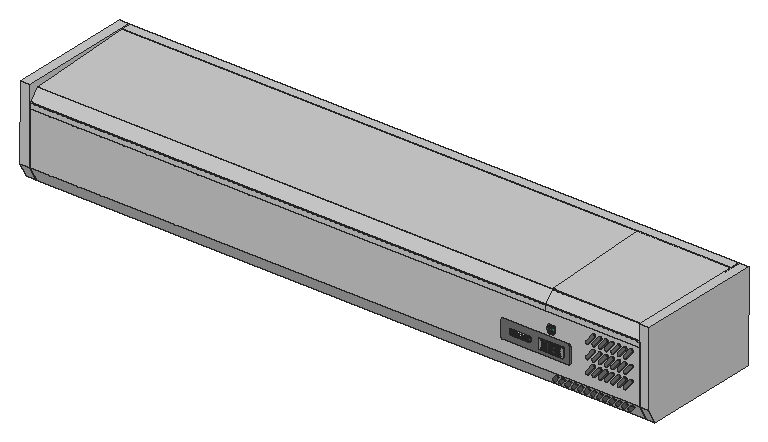
Revit family "QF_BLIZZARD_TOP2000EN", category Specialty Equipment, Revit 2016
Family settings
  Part Type = Normal
  Round Connector Dimension = Use Diameter
  OmniClass Number = 23.40.40.14
  OmniClass Title = Food Service Equipment
  Work Plane-Based = No
  Always vertical = Yes
  Cut with Voids When Loaded = No
  Shared = No
  Room Calculation Point = No
Parameters (values of type "TOP2000EN")
  URL = "www.blizzardequipment.com"
  Show Logo [instance] = yes
  Show Clearance [instance] = yes
  Model = "TOP2000EN"
  Manufacturer = "BLIZZARD"
  Description = "1/3 GASTRONORM PREP TOP WITH HINGED LID 2000MM"
  Assembly Code = "E1090320"
Reference planes
  plane 1 "Back": y = 0
  plane 2: z = 0
  plane 3 "Left": x = 0
  plane 4 "Right": x = 2000
  plane 5 "Front": y = -395
  plane 6 "Top": z = 281
Forms (mm)
  Extrusion 1, solid
    sketch origin (0, -4, -8) x (0, 1, 0) y (0, 0, 1)
      loop
        line (-391, 53) -> (-366, 8) -> (2.955, 8)
        arc (2.955, 8) -> (3.694, 8.306) -> (4, 9.045) r 1.045
        line (4, 9.045) -> (4, 289) -> (-391, 289) -> (-391, 53)
    from 0 to 30
  Extrusion 2, solid
    sketch origin (1970, -4, -8) x (0, 1, 0) y (0, 0, 1)
      loop
        line (-391, 53) -> (-366, 8) -> (2.955, 8)
        arc (2.955, 8) -> (3.694, 8.306) -> (4, 9.045) r 1.045
        line (4, 9.045) -> (4, 289) -> (-391, 289) -> (-391, 53)
    from 0 to 30
  Extrusion 3, solid
    sketch origin (-580, -4, -8) x (0, 1, 0) y (0, 0, 1)
      loop
        line (-391, 53) -> (-366, 8) -> (2.955, 8)
        arc (2.955, 8) -> (3.694, 8.306) -> (4, 9.045) r 1.045
        line (4, 9.045) -> (4, 289) -> (-26, 289) -> (-26, 38) -> (-348.348, 38) -> (-361, 60.774) -> (-361, 221.193) -> (-391, 221.193) -> (-391, 53)
    from 610 to 2550
  Extrusion 4, solid
    sketch origin (790, -393.5, -8.948) x (1, 0, 0) y (0, 0, 1)
      loop
        line (1030, 207.338) -> (1011.08, 183.441)
        arc (1011.08, 183.441) -> (1011.896, 176.418) -> (1018.92, 177.234) r 5
        line (1018.92, 177.234) -> (1037.84, 201.13)
        arc (1037.84, 201.13) -> (1037.024, 208.154) -> (1030, 207.338) r 5
      loop
        line (1050, 207.338) -> (1031.08, 183.441)
        arc (1031.08, 183.441) -> (1031.896, 176.418) -> (1038.92, 177.234) r 5
        line (1038.92, 177.234) -> (1057.84, 201.13)
        arc (1057.84, 201.13) -> (1057.024, 208.154) -> (1050, 207.338) r 5
      loop
        line (1070, 207.338) -> (1051.08, 183.441)
        arc (1051.08, 183.441) -> (1051.896, 176.418) -> (1058.92, 177.234) r 5
        line (1058.92, 177.234) -> (1077.84, 201.13)
        arc (1077.84, 201.13) -> (1077.024, 208.154) -> (1070, 207.338) r 5
      loop
        line (1090, 207.338) -> (1071.08, 183.441)
        arc (1071.08, 183.441) -> (1071.896, 176.418) -> (1078.92, 177.234) r 5
        line (1078.92, 177.234) -> (1097.84, 201.13)
        arc (1097.84, 201.13) -> (1097.024, 208.154) -> (1090, 207.338) r 5
      loop
        line (1110, 207.338) -> (1091.08, 183.441)
        arc (1091.08, 183.441) -> (1091.896, 176.418) -> (1098.92, 177.234) r 5
        line (1098.92, 177.234) -> (1117.84, 201.13)
        arc (1117.84, 201.13) -> (1117.024, 208.154) -> (1110, 207.338) r 5
      loop
        line (1130, 207.338) -> (1111.08, 183.441)
        arc (1111.08, 183.441) -> (1111.896, 176.418) -> (1118.92, 177.234) r 5
        line (1118.92, 177.234) -> (1137.84, 201.13)
        arc (1137.84, 201.13) -> (1137.024, 208.154) -> (1130, 207.338) r 5
      loop
        line (1150, 207.338) -> (1131.08, 183.441)
        arc (1131.08, 183.441) -> (1131.896, 176.418) -> (1138.92, 177.234) r 5
        line (1138.92, 177.234) -> (1157.84, 201.13)
        arc (1157.84, 201.13) -> (1157.024, 208.154) -> (1150, 207.338) r 5
      loop
        line (1030, 163.441) -> (1011.08, 139.545)
        arc (1011.08, 139.545) -> (1011.896, 132.521) -> (1018.92, 133.338) r 5
        line (1018.92, 133.338) -> (1037.84, 157.234)
        arc (1037.84, 157.234) -> (1037.024, 164.258) -> (1030, 163.441) r 5
      loop
        line (1050, 163.441) -> (1031.08, 139.545)
        arc (1031.08, 139.545) -> (1031.896, 132.521) -> (1038.92, 133.338) r 5
        line (1038.92, 133.338) -> (1057.84, 157.234)
        arc (1057.84, 157.234) -> (1057.024, 164.258) -> (1050, 163.441) r 5
      loop
        line (1070, 163.441) -> (1051.08, 139.545)
        arc (1051.08, 139.545) -> (1051.896, 132.521) -> (1058.92, 133.338) r 5
        line (1058.92, 133.338) -> (1077.84, 157.234)
        arc (1077.84, 157.234) -> (1077.024, 164.258) -> (1070, 163.441) r 5
      loop
        line (1090, 163.441) -> (1071.08, 139.545)
        arc (1071.08, 139.545) -> (1071.896, 132.521) -> (1078.92, 133.338) r 5
        line (1078.92, 133.338) -> (1097.84, 157.234)
        arc (1097.84, 157.234) -> (1097.024, 164.258) -> (1090, 163.441) r 5
      loop
        line (1110, 163.441) -> (1091.08, 139.545)
        arc (1091.08, 139.545) -> (1091.896, 132.521) -> (1098.92, 133.338) r 5
        line (1098.92, 133.338) -> (1117.84, 157.234)
        arc (1117.84, 157.234) -> (1117.024, 164.258) -> (1110, 163.441) r 5
      loop
        line (1130, 163.441) -> (1111.08, 139.545)
        arc (1111.08, 139.545) -> (1111.896, 132.521) -> (1118.92, 133.338) r 5
        line (1118.92, 133.338) -> (1137.84, 157.234)
        arc (1137.84, 157.234) -> (1137.024, 164.258) -> (1130, 163.441) r 5
      loop
        line (1150, 163.441) -> (1131.08, 139.545)
        arc (1131.08, 139.545) -> (1131.896, 132.521) -> (1138.92, 133.338) r 5
        line (1138.92, 133.338) -> (1157.84, 157.234)
        arc (1157.84, 157.234) -> (1157.024, 164.258) -> (1150, 163.441) r 5
      loop
        line (1030, 119.663) -> (1011.08, 95.767)
        arc (1011.08, 95.767) -> (1011.896, 88.743) -> (1018.92, 89.559) r 5
        line (1018.92, 89.559) -> (1037.84, 113.456)
        arc (1037.84, 113.456) -> (1037.024, 120.479) -> (1030, 119.663) r 5
      loop
        line (1050, 119.663) -> (1031.08, 95.767)
        arc (1031.08, 95.767) -> (1031.896, 88.743) -> (1038.92, 89.559) r 5
        line (1038.92, 89.559) -> (1057.84, 113.456)
        arc (1057.84, 113.456) -> (1057.024, 120.479) -> (1050, 119.663) r 5
      loop
        line (1070, 119.663) -> (1051.08, 95.767)
        arc (1051.08, 95.767) -> (1051.896, 88.743) -> (1058.92, 89.559) r 5
        line (1058.92, 89.559) -> (1077.84, 113.456)
        arc (1077.84, 113.456) -> (1077.024, 120.479) -> (1070, 119.663) r 5
      loop
        line (1090, 119.663) -> (1071.08, 95.767)
        arc (1071.08, 95.767) -> (1071.896, 88.743) -> (1078.92, 89.559) r 5
        line (1078.92, 89.559) -> (1097.84, 113.456)
        arc (1097.84, 113.456) -> (1097.024, 120.479) -> (1090, 119.663) r 5
      loop
        line (1110, 119.663) -> (1091.08, 95.767)
        arc (1091.08, 95.767) -> (1091.896, 88.743) -> (1098.92, 89.559) r 5
        line (1098.92, 89.559) -> (1117.84, 113.456)
        arc (1117.84, 113.456) -> (1117.024, 120.479) -> (1110, 119.663) r 5
      loop
        line (1130, 119.663) -> (1111.08, 95.767)
        arc (1111.08, 95.767) -> (1111.896, 88.743) -> (1118.92, 89.559) r 5
        line (1118.92, 89.559) -> (1137.84, 113.456)
        arc (1137.84, 113.456) -> (1137.024, 120.479) -> (1130, 119.663) r 5
      loop
        line (1150, 119.663) -> (1131.08, 95.767)
        arc (1131.08, 95.767) -> (1131.896, 88.743) -> (1138.92, 89.559) r 5
        line (1138.92, 89.559) -> (1157.84, 113.456)
        arc (1157.84, 113.456) -> (1157.024, 120.479) -> (1150, 119.663) r 5
    from 0 to 2
  Extrusion 5, solid
    sketch origin (1648, 205.936, 313.02) x (0, -0.34202, 0.939693) y (0, -0.939693, -0.34202)
      loop
        line (10.308, 247.326) -> (50.606, 232.659) -> (149.332, 555.577)
        arc (149.332, 555.577) -> (149.387, 556.194) -> (149.187, 556.781) r 1.501
        line (149.187, 556.781) -> (128.527, 591.598)
        arc (128.527, 591.598) -> (128.102, 592.105) -> (127.538, 592.449) r 2.032
        line (127.538, 592.449) -> (111.726, 598.838) -> (109.154, 591.772) -> (109.731, 567.639) -> (10.308, 247.326)
    from 24 to 322
  Extrusion 6, solid
    sketch origin (1250.536, -393.5, -1719.361) x (1, 0, 0) y (0, 0, 1)
      loop
        arc (285, 1864.135) -> (281.464, 1862.671) -> (280, 1859.135) r 5
        line (280, 1859.135) -> (280, 1809.135)
        arc (280, 1809.135) -> (281.464, 1805.6) -> (285, 1804.135) r 5
        line (285, 1804.135) -> (494.464, 1804.135)
        arc (494.464, 1804.135) -> (498, 1805.6) -> (499.464, 1809.135) r 5
        line (499.464, 1809.135) -> (499.464, 1859.135)
        arc (499.464, 1859.135) -> (498, 1862.671) -> (494.464, 1864.135) r 5
        line (494.464, 1864.135) -> (285, 1864.135)
    from 0 to 2
  Extrusion 7, solid
    sketch origin (1392.5, -393.5, -693.976) x (1, 0, 0) y (0, 0, 1)
      loop
        arc (260.5, 825) -> (258.379, 824.121) -> (257.5, 822) r 3
        line (257.5, 822) -> (257.5, 795.5)
        arc (257.5, 795.5) -> (258.379, 793.379) -> (260.5, 792.5) r 3
        line (260.5, 792.5) -> (334.5, 792.5)
        arc (334.5, 792.5) -> (336.621, 793.379) -> (337.5, 795.5) r 3
        line (337.5, 795.5) -> (337.5, 822)
        arc (337.5, 822) -> (336.621, 824.121) -> (334.5, 825) r 3
        line (334.5, 825) -> (260.5, 825)
    from 0 to 4
  Extrusion 8, solid
    sketch origin (1392.5, -396.5, -683.976) x (1, 0, 0) y (0, 0, 1)
      loop
        arc (278, 812.5) -> (275.879, 811.621) -> (275, 809.5) r 3
        line (275, 809.5) -> (275, 788)
        arc (275, 788) -> (275.879, 785.879) -> (278, 785) r 3
        line (278, 785) -> (317, 785)
        arc (317, 785) -> (319.121, 785.879) -> (320, 788) r 3
        line (320, 788) -> (320, 809.5)
        arc (320, 809.5) -> (319.121, 811.621) -> (317, 812.5) r 3
        line (317, 812.5) -> (278, 812.5)
    from 0 to 2
  Extrusion 9, solid
    sketch origin (1393.951, -397, -684.476) x (1, 0, 0) y (0, 0, 1)
      loop
        line (278.549, 800.5) -> (280.549, 800.5) -> (280.549, 809) -> (278.549, 809) -> (278.549, 800.5)
      loop
        line (278.549, 789) -> (280.549, 789) -> (280.549, 797) -> (278.549, 797) -> (278.549, 789)
      loop
        line (281.049, 811.5) -> (281.049, 809.5) -> (291.049, 809.5) -> (291.049, 811.5) -> (281.049, 811.5)
      loop
        line (293.549, 800.5) -> (293.549, 809) -> (291.549, 809) -> (291.549, 800.5) -> (293.549, 800.5)
      loop
        line (293.549, 789) -> (293.549, 797) -> (291.549, 797) -> (291.549, 789) -> (293.549, 789)
      loop
        line (281.049, 786.5) -> (291.049, 786.5) -> (291.049, 788.5) -> (281.049, 788.5) -> (281.049, 786.5)
      loop
        line (298.549, 800.5) -> (300.549, 800.5) -> (300.549, 809) -> (298.549, 809) -> (298.549, 800.5)
      loop
        line (301.049, 811.5) -> (301.049, 809.5) -> (311.049, 809.5) -> (311.049, 811.5) -> (301.049, 811.5)
      loop
        line (313.549, 800.5) -> (313.549, 809) -> (311.549, 809) -> (311.549, 800.5) -> (313.549, 800.5)
      loop
        line (313.549, 789) -> (313.549, 797) -> (311.549, 797) -> (311.549, 789) -> (313.549, 789)
      loop
        line (301.049, 798) -> (311.049, 798) -> (311.049, 800) -> (301.049, 800) -> (301.049, 798)
      loop
        line (301.049, 786.5) -> (311.049, 786.5) -> (311.049, 788.5) -> (301.049, 788.5) -> (301.049, 786.5)
      loop
        line (297.049, 786.5) -> (297.049, 788.5) -> (295.049, 788.5) -> (295.049, 786.5) -> (297.049, 786.5)
    from 0 to 2
  Extrusion 10, solid
    sketch origin (1365.5, -396, -1688.976) x (1, 0, 0) y (0, 0, 1)
      loop
        arc (300, 1815) -> (299.121, 1817.121) -> (297, 1818) r 3
        line (297, 1818) -> (292, 1818) -> (292, 1816) -> (297, 1816)
        arc (297, 1816) -> (297.707, 1815.707) -> (298, 1815) r 1
        line (298, 1815) -> (298, 1811.5) -> (295, 1811.5) -> (295, 1809.5) -> (298, 1809.5) -> (298, 1805) -> (295, 1805) -> (295, 1803) -> (298, 1803) -> (298, 1798.5) -> (295, 1798.5) -> (295, 1796.5) -> (298, 1796.5) -> (298, 1793)
        arc (298, 1793) -> (297.707, 1792.293) -> (297, 1792) r 1
        line (297, 1792) -> (292, 1792) -> (292, 1790) -> (297, 1790)
        arc (297, 1790) -> (299.121, 1790.879) -> (300, 1793) r 3
        line (300, 1793) -> (300, 1815)
      loop
        line (349, 1815) -> (349, 1793)
        arc (349, 1793) -> (349.879, 1790.879) -> (352, 1790) r 3
        line (352, 1790) -> (357, 1790) -> (357, 1792) -> (352, 1792)
        arc (352, 1792) -> (351.293, 1792.293) -> (351, 1793) r 1
        line (351, 1793) -> (351, 1796.5) -> (354, 1796.5) -> (354, 1798.5) -> (351, 1798.5) -> (351, 1803) -> (354, 1803) -> (354, 1805) -> (351, 1805) -> (351, 1809.5) -> (354, 1809.5) -> (354, 1811.5) -> (351, 1811.5) -> (351, 1815)
        arc (351, 1815) -> (351.293, 1815.707) -> (352, 1816) r 1
        line (352, 1816) -> (357, 1816) -> (357, 1818) -> (352, 1818)
        arc (352, 1818) -> (349.879, 1817.121) -> (349, 1815) r 3
    from 0 to 2
  Extrusion 11, solid
    sketch origin (6, 205.936, 313.02) x (0, -0.34202, 0.939693) y (0, -0.939693, -0.34202)
      loop
        line (10.308, 247.326) -> (50.606, 232.659) -> (149.332, 555.577)
        arc (149.332, 555.577) -> (149.387, 556.194) -> (149.187, 556.781) r 1.501
        line (149.187, 556.781) -> (128.527, 591.598)
        arc (128.527, 591.598) -> (128.102, 592.105) -> (127.538, 592.449) r 2.032
        line (127.538, 592.449) -> (111.726, 598.838) -> (109.154, 591.772) -> (109.731, 567.639) -> (10.308, 247.326)
    from 24 to 1964
  Extrusion 12, solid
    sketch origin (790, -288.186, -144.176) x (1, 0, 0) y (0, -0.485643, 0.874157)
      loop
        line (1030, 207.338) -> (1011.08, 183.441)
        arc (1011.08, 183.441) -> (1011.896, 176.418) -> (1018.92, 177.234) r 5
        line (1018.92, 177.234) -> (1037.84, 201.13)
        arc (1037.84, 201.13) -> (1037.024, 208.154) -> (1030, 207.338) r 5
      loop
        line (1050, 207.338) -> (1031.08, 183.441)
        arc (1031.08, 183.441) -> (1031.896, 176.418) -> (1038.92, 177.234) r 5
        line (1038.92, 177.234) -> (1057.84, 201.13)
        arc (1057.84, 201.13) -> (1057.024, 208.154) -> (1050, 207.338) r 5
      loop
        line (1070, 207.338) -> (1051.08, 183.441)
        arc (1051.08, 183.441) -> (1051.896, 176.418) -> (1058.92, 177.234) r 5
        line (1058.92, 177.234) -> (1077.84, 201.13)
        arc (1077.84, 201.13) -> (1077.024, 208.154) -> (1070, 207.338) r 5
      loop
        line (1090, 207.338) -> (1071.08, 183.441)
        arc (1071.08, 183.441) -> (1071.896, 176.418) -> (1078.92, 177.234) r 5
        line (1078.92, 177.234) -> (1097.84, 201.13)
        arc (1097.84, 201.13) -> (1097.024, 208.154) -> (1090, 207.338) r 5
      loop
        line (1110, 207.338) -> (1091.08, 183.441)
        arc (1091.08, 183.441) -> (1091.896, 176.418) -> (1098.92, 177.234) r 5
        line (1098.92, 177.234) -> (1117.84, 201.13)
        arc (1117.84, 201.13) -> (1117.024, 208.154) -> (1110, 207.338) r 5
      loop
        line (1130, 207.338) -> (1111.08, 183.441)
        arc (1111.08, 183.441) -> (1111.896, 176.418) -> (1118.92, 177.234) r 5
        line (1118.92, 177.234) -> (1137.84, 201.13)
        arc (1137.84, 201.13) -> (1137.024, 208.154) -> (1130, 207.338) r 5
      loop
        line (1150, 207.338) -> (1131.08, 183.441)
        arc (1131.08, 183.441) -> (1131.896, 176.418) -> (1138.92, 177.234) r 5
        line (1138.92, 177.234) -> (1157.84, 201.13)
        arc (1157.84, 201.13) -> (1157.024, 208.154) -> (1150, 207.338) r 5
      loop
        line (910, 207.338) -> (891.08, 183.441)
        arc (891.08, 183.441) -> (891.896, 176.418) -> (898.92, 177.234) r 5
        line (898.92, 177.234) -> (917.84, 201.13)
        arc (917.84, 201.13) -> (917.024, 208.154) -> (910, 207.338) r 5
      loop
        line (930, 207.338) -> (911.08, 183.441)
        arc (911.08, 183.441) -> (911.896, 176.418) -> (918.92, 177.234) r 5
        line (918.92, 177.234) -> (937.84, 201.13)
        arc (937.84, 201.13) -> (937.024, 208.154) -> (930, 207.338) r 5
      loop
        line (950, 207.338) -> (931.08, 183.441)
        arc (931.08, 183.441) -> (931.896, 176.418) -> (938.92, 177.234) r 5
        line (938.92, 177.234) -> (957.84, 201.13)
        arc (957.84, 201.13) -> (957.024, 208.154) -> (950, 207.338) r 5
      loop
        line (970, 207.338) -> (951.08, 183.441)
        arc (951.08, 183.441) -> (951.896, 176.418) -> (958.92, 177.234) r 5
        line (958.92, 177.234) -> (977.84, 201.13)
        arc (977.84, 201.13) -> (977.024, 208.154) -> (970, 207.338) r 5
      loop
        line (990, 207.338) -> (971.08, 183.441)
        arc (971.08, 183.441) -> (971.896, 176.418) -> (978.92, 177.234) r 5
        line (978.92, 177.234) -> (997.84, 201.13)
        arc (997.84, 201.13) -> (997.024, 208.154) -> (990, 207.338) r 5
      loop
        line (1010, 207.338) -> (991.08, 183.441)
        arc (991.08, 183.441) -> (991.896, 176.418) -> (998.92, 177.234) r 5
        line (998.92, 177.234) -> (1017.84, 201.13)
        arc (1017.84, 201.13) -> (1017.024, 208.154) -> (1010, 207.338) r 5
    from 0 to 2
  Extrusion 13, solid
    sketch origin (1682.5, -384.999, -637.226) x (1, 0, 0) y (0, 0, 1)
      loop
        arc (3, 815) -> (0.879, 814.121) -> (0, 812) r 3
        line (0, 812) -> (0, 798)
        arc (0, 798) -> (0.879, 795.879) -> (3, 795) r 3
        line (3, 795) -> (12, 795)
        arc (12, 795) -> (14.121, 795.879) -> (15, 798) r 3
        line (15, 798) -> (15, 812)
        arc (15, 812) -> (14.121, 814.121) -> (12, 815) r 3
        line (12, 815) -> (3, 815)
    from 9.001 to 20
  Extrusion 14, void
    sketch origin (1680, 255.001, -637.226) x (0, 1, 0) y (0, 0, 1)
      loop
        line (-659.545, 817.359) -> (-661.721, 817.359) -> (-661.721, 793) -> (-653.921, 793) -> (-659.545, 817.359)
    from 0 to 20
  Extrusion 15, solid
    sketch origin (1682.5, -393, -637.226) x (1, 0, 0) y (0, 0, 1)
      loop
        arc (3, 818) -> (-1.243, 816.243) -> (-3, 812) r 6
        line (-3, 812) -> (-3, 798)
        arc (-3, 798) -> (-1.243, 793.757) -> (3, 792) r 6
        line (3, 792) -> (12, 792)
        arc (12, 792) -> (16.243, 793.757) -> (18, 798) r 6
        line (18, 798) -> (18, 812)
        arc (18, 812) -> (16.243, 816.243) -> (12, 818) r 6
        line (12, 818) -> (3, 818)
    from 0 to 4
  Extrusion 16, solid
    sketch origin (1320.219, -220.033, -612.402) x (1, 0, 0) y (0, -0.224951, 0.97437)
      loop
        line (368.781, 810.281) -> (368.781, 805.281) -> (370.781, 805.281) -> (370.781, 810.281) -> (368.781, 810.281)
    from 0 to 2
  Extrusion 17, solid
    sketch origin (1320.219, -216.884, -626.044) x (1, 0, 0) y (0, -0.224951, 0.97437)
      loop
        circle (369.781, 809.781) r 2.5
      loop
        circle (369.781, 809.781) r 3.5
    from 0 to 2
  Extrusion 18, solid, visible <- "Show Logo"
    sketch origin (1532.91, -393.7, -23.209) x (1, 0, 0) y (0, 0, 1)
      loop
        line (30.3, 133.137) -> (36.162, 133.137)
        arc (36.162, 133.137) -> (39.122, 134.994) -> (38.048, 138.319) r 2.844
        arc (38.048, 138.319) -> (38.838, 141.267) -> (36.338, 143.017) r 2.66
        line (36.338, 143.017) -> (31.338, 143.017) -> (30.3, 133.137)
      loop
        line (33.066, 135.126) -> (35.993, 135.126)
        arc (35.993, 135.126) -> (36.943, 136.076) -> (35.993, 137.026) r 0.95
        line (35.993, 137.026) -> (33.066, 137.026) -> (33.066, 135.126)
      loop
        line (33.528, 139.285) -> (36.147, 139.285)
        arc (36.147, 139.285) -> (36.994, 140.133) -> (36.147, 140.98) r 0.847
        line (36.147, 140.98) -> (33.528, 140.98) -> (33.528, 139.285)
      loop
        line (40.306, 133.137) -> (42.874, 133.137) -> (43.912, 143.017) -> (41.344, 143.017) -> (40.306, 133.137)
      loop
        line (45.174, 140.98) -> (47.749, 140.98) -> (47.964, 143.017) -> (45.389, 143.017) -> (45.174, 140.98)
      loop
        line (45.104, 140.313) -> (44.35, 133.137) -> (46.671, 133.137) -> (47.425, 140.313) -> (45.104, 140.313)
      loop
        line (48.314, 138.359) -> (51.196, 138.359) -> (47.765, 134.548) -> (47.765, 133.137) -> (54.184, 133.137) -> (54.393, 135.126) -> (51.213, 135.126) -> (54.657, 138.952) -> (54.657, 140.313) -> (48.519, 140.313) -> (48.314, 138.359)
      loop
        line (55.213, 138.359) -> (58.095, 138.359) -> (54.664, 134.548) -> (54.664, 133.137) -> (61.084, 133.137) -> (61.293, 135.126) -> (58.112, 135.126) -> (61.557, 138.952) -> (61.557, 140.313) -> (55.419, 140.313) -> (55.213, 138.359)
      loop
        arc (64.816, 137.983) -> (65.785, 138.952) -> (66.753, 137.983) r 0.969
        line (66.753, 137.983) -> (64.711, 137.436)
        arc (64.711, 137.436) -> (62.642, 134.297) -> (66.342, 133.633) r 2.251
        line (66.342, 133.633) -> (66.77, 132.921) -> (69.168, 132.921) -> (68.641, 134.052) -> (69.084, 138.274)
        arc (69.084, 138.274) -> (65.782, 140.567) -> (62.514, 138.225) r 3.488
        line (62.514, 138.225) -> (64.816, 137.983)
      loop
        line (69.848, 133.137) -> (72.232, 133.137) -> (72.59, 136.546)
        arc (72.59, 136.546) -> (73.413, 137.974) -> (75.025, 138.32) r 2.029
        line (75.025, 138.32) -> (75.83, 140.313)
        arc (75.83, 140.313) -> (74.279, 140.541) -> (72.927, 139.749) r 2.362
        line (72.927, 139.749) -> (72.927, 140.627) -> (70.635, 140.627) -> (69.848, 133.137)
      loop
        line (82.596, 133.137) -> (83.635, 143.017) -> (81.373, 143.017) -> (81.031, 139.764)
        arc (81.031, 139.764) -> (75.402, 137.124) -> (80.359, 133.372) r 3.631
        line (80.359, 133.372) -> (82.596, 133.137)
      loop
        spline (78.956, 134.82) -> (79.32, 134.851) -> (79.675, 135.016) -> (79.994, 135.304) -> (80.258, 135.695) -> (80.446, 136.164) -> (80.548, 136.677) -> (80.555, 137.2) -> (80.468, 137.697) -> (80.292, 138.134) -> (80.039, 138.483) -> (79.727, 138.718) -> (79.376, 138.823)
        spline (79.376, 138.823) -> (79.011, 138.793) -> (78.657, 138.628) -> (78.338, 138.34) -> (78.074, 137.948) -> (77.886, 137.48) -> (77.784, 136.967) -> (77.777, 136.444) -> (77.864, 135.947) -> (78.04, 135.509) -> (78.293, 135.161) -> (78.605, 134.926) -> (78.956, 134.82)
      loop
        line (66.385, 136.28) -> (64.729, 135.958)
        arc (64.729, 135.958) -> (64.361, 135.233) -> (65.042, 134.788) r 0.609
        arc (65.042, 134.788) -> (66.068, 135.215) -> (66.385, 136.28) r 1.295
      loop
        line (85.459, 146.184) -> (29.578, 146.184)
        arc (29.578, 146.184) -> (25.494, 144.492) -> (23.802, 140.407) r 5.777
        line (23.802, 140.407) -> (23.802, 135.662)
        arc (23.802, 135.662) -> (25.494, 131.578) -> (29.578, 129.886) r 5.777
        line (29.578, 129.886) -> (85.459, 129.886)
        arc (85.459, 129.886) -> (89.544, 131.578) -> (91.236, 135.662) r 5.777
        line (91.236, 135.662) -> (91.236, 140.407)
        arc (91.236, 140.407) -> (89.544, 144.492) -> (85.459, 146.184) r 5.777
      loop
        line (85.459, 145.184) -> (29.578, 145.184)
        arc (29.578, 145.184) -> (26.201, 143.785) -> (24.802, 140.407) r 4.777
        line (24.802, 140.407) -> (24.802, 135.662)
        arc (24.802, 135.662) -> (26.201, 132.285) -> (29.578, 130.886) r 4.777
        line (29.578, 130.886) -> (85.459, 130.886)
        arc (85.459, 130.886) -> (88.837, 132.285) -> (90.236, 135.662) r 4.777
        line (90.236, 135.662) -> (90.236, 140.407)
        arc (90.236, 140.407) -> (88.837, 143.785) -> (85.459, 145.184) r 4.777
    from 0 to 2
  Extrusion 19, solid, visible <- "Show Clearance", detail levels coarse
    sketch origin (0, 0, -3.144) x (0, 1, 0) y (0, 0, 1)
      loop
        line (-30, 284.144) -> (-30, 649.144)
        arc (-30, 649.144) -> (-294.85, 535.329) -> (-395, 265.016) r 365.761
        line (-395, 265.016) -> (-30, 284.144)
    from 30 to 1665
  Extrusion 20, solid, visible <- "Show Clearance", detail levels coarse
    sketch origin (1105, 0, -3.144) x (0, 1, 0) y (0, 0, 1)
      loop
        line (-30, 284.144) -> (-30, 649.144)
        arc (-30, 649.144) -> (-294.85, 535.329) -> (-395, 265.016) r 365.761
        line (-395, 265.016) -> (-30, 284.144)
    from 567 to 865
Cuts and joins
  Extrusion 14 cuts Extrusion 13
Lines and regions (mm)
  symbolic lines, style "200-EquipBorder-2D"
    curve 1: line (0, 0, 0) -> (2000, 0, 0)
    curve 2: line (0, -395, 0) -> (0, 0, 0)
    curve 3: line (2000, -395, 0) -> (0, -395, 0)
    curve 4: line (2000, 0, 0) -> (2000, -395, 0)
  symbolic lines, style "200-EquipInternal-2D"
    curve 5: line (30, -30, 0) -> (30, -395.461, 0)
    curve 6: line (1970, -30, 0) -> (30, -30, 0)
    curve 7: line (1970, -395.461, 0) -> (1970, -30, 0)
    curve 8: line (1665, -395.461, 0) -> (1665, -30, 0)
    curve 9: line (1672, -30, 0) -> (1672, -395.461, 0)
Dimensions and locks
  plane 3 "Left" to plane 4 "Right" = 2000 mm
  plane 5 "Front" to plane 1 "Back" = 395 mm
  plane 6 "Top" to level = 281 mm  (x2)
  plane 1 "Back" to plane 5 "Front" = 395 mm
  plane 4 "Right" to plane 3 "Left" = 2000 mm
  aligned and locked: level to plane 2
